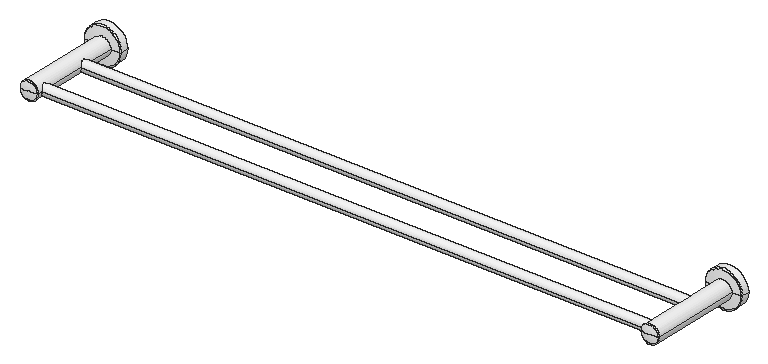
Revit family "Reece_Accessory_Posh_Solus MK2_Double Towel Rail_750 mm", category Plumbing Fixtures, host Face, Revit 2018
Family settings
  Host = Face
  Round Connector Dimension = Use Diameter
  Part Type = Normal
  Cut with Voids When Loaded = Yes
  Shared = Yes
  Room Calculation Point = Yes
Parameters (values of type "750 mm_Chrome")
  URL = "https://www.reece.com.au/product/-9506585"
  Type Comments = "Accessory"
  Reece_Product_Web Page = "https://www.reece.com.au/product/-9506585"
  Reece_Product_Type = "Accessory"  # constant formula
  Reece_Product_Sub Brand = "Solus MK2"  # constant formula
  Reece_Product_Number = "9506585"
  Reece_Product_Mount = "Wall Mounted"
  Reece_Product_Description = "Posh Solus MK2 Double Towel Rail 750mm Chrome"
  Reece_Product_Brand = "Posh"  # constant formula
  Reece_Overall_Width = 124 mm  # constant formula
  Reece_Overall_Length = 807 mm  # constant formula
  Reece_Overall_Height = 45 mm  # constant formula
  Reece_Material_Main = Reece_Brass_Chrome
  Reece_Height_From_Level [instance] = 1000 mm
  Reece_Detail_Installation = "Wall Mounted"  # constant formula
  Reece_Detail_Disclaimer = "THIS FILE IS THE PROPERTY OF THE REECE GROUP. IT MAY NOT BE REPRODUCED, REVERSE-ENGINEERED OR MODIFIED. ANY REPUBLICATION, TRANSMISSION OR DISTRIBUTION FOR THE PURPOSE OF COMMERCIALLY EXPLOITING THE FILES IS PROHIBITED."  # constant formula
  Reece_Detail_Additional = "Double Towel Rail"  # constant formula
  Model = "Solus MK2"
  Manufacturer = "Posh"
  Keynote = "Product #9506585, Reece_Accessory_Posh_Solus MK2_Double Towel Rail_750 mm - 750 mm_Chrome"
  Disclaimer = "THIS FILE IS THE PROPERTY OF THE REECE GROUP. IT MAY NOT BE REPRODUCED, REVERSE-ENGINEERED OR MODIFIED. ANY REPUBLICATION, TRANSMISSION OR DISTRIBUTION FOR THE PURPOSE OF COMMERCIALLY EXPLOITING THE FILES IS PROHIBITED."  # constant formula
  Description = "Posh Solus MK2 Double Towel Rail 750mm Chrome"
  Default Elevation = 0 mm
Types (2, lengths in mm): name | URL | Reece_Product_Web Page | Reece_Product_Number | Reece_Product_Description | Reece_Material_Main | Keynote | Description
  750 mm_Chrome | "https://www.reece.com.au/product/-9506585" | "https://www.reece.com.au/product/-9506585" | "9506585" | "Posh Solus MK2 Double Towel Rail 750mm Chrome" | Reece_Brass_Chrome | "Product #9506585, Reece_Accessory_Posh_Solus MK2_Double Towel Rail_750 mm - 750 mm_Chrome" | "Posh Solus MK2 Double Towel Rail 750mm Chrome"
  750 mm_Matte Black | "https://www.reece.com.au/product/-2263976" | "https://www.reece.com.au/product/-2263976" | "2263976" | "Posh Solus MK2 Double Towel Rail 750mm Matte Black" | Reece_Brass_Matte Black | "Product #2263976, Reece_Accessory_Posh_Solus MK2_Double Towel Rail_750 mm - 750 mm_Matte Black" | "Posh Solus MK2 Double Rail 750mm Matte Black"
Reference planes
  plane 1 "Center (Front/Back)": y = 0
  plane 2 "Bottom Host Plane": z = -5
  plane 3 "Center (Left/Right)": x = 0
  plane 4 "Height From Floor": z = 1000
  plane 5 "Top": z = 1022.5
  plane 6 "Bottom": z = 977.5
  plane 7: x = 403.5
  plane 8: x = -403.5
  plane 9: y = -124
  plane 10: x = -381
  plane 11: x = 381
Forms (mm)
  Sweep 1, solid, material "Reece_Brass_Chrome" <- "Reece_Material_Main"
    path origin (0, 13.5, 1000) x (-1, 0, 0) y (0, -1, 0)
      loop
        line (381, 71) -> (-381, 71)
    profile origin (0, -57.5, 1000) x (0, 1, 0) y (0, 0, 1)
      loop
        circle (6.5, 0) r 6.5
  Revolve 2, solid, material "Reece_Brass_Chrome" <- "Reece_Material_Main"
    sketch origin (0, 0, 1000) x (-1, 0, 0) y (0, -1, 0)
      loop
        line (358.5, 0) -> (381, 0) -> (381, 124)
        arc (381, 124) -> (375.748, 123.719) -> (370.556, 122.88) r 49.27
        arc (370.556, 122.88) -> (370.15, 122.63) -> (369.991, 122.18) r 0.717
        line (369.991, 122.18) -> (369.991, 11.227)
        arc (369.991, 11.227) -> (364.672, 10.8) -> (359.371, 10.198) r 161.652
        arc (359.371, 10.198) -> (358.749, 9.866) -> (358.5, 9.206) r 1
        line (358.5, 9.206) -> (358.5, 0)
      axis (381, 0) -> (381, 124)
    angle from 0 to 360
  Revolve 3, solid, material "Reece_Brass_Chrome" <- "Reece_Material_Main"
    sketch origin (0, 0, 1000) x (-1, 0, 0) y (0, -1, 0)
      loop
        line (-358.5, 0) -> (-358.5, 9.206)
        arc (-358.5, 9.206) -> (-358.749, 9.866) -> (-359.371, 10.198) r 1
        arc (-359.371, 10.198) -> (-364.672, 10.8) -> (-369.991, 11.227) r 161.652
        line (-369.991, 11.227) -> (-369.991, 122.18)
        arc (-369.991, 122.18) -> (-370.15, 122.63) -> (-370.556, 122.88) r 0.717
        arc (-370.556, 122.88) -> (-375.748, 123.719) -> (-381, 124) r 49.27
        line (-381, 124) -> (-381, 0) -> (-358.5, 0)
      axis (-381, 0) -> (-381, 124)
    angle from 0 to 360
  Sweep 4, solid, material "Reece_Brass_Chrome" <- "Reece_Material_Main"
    path origin (0, -46.5, 1000) x (-1, 0, 0) y (0, -1, 0)
      loop
        line (381, 71) -> (-381, 71)
    profile origin (0, -117.5, 1000) x (0, 1, 0) y (0, 0, 1)
      loop
        circle (6.5, 0) r 6.5
  Extrusion 5, void
    sketch origin (0, 0, 0.859) x (0, 1, 0) y (0, 0, 1)
      loop
        arc (-19.236, 988.341) -> (-25.239, 989.527) -> (-31.24, 988.321) r 15.681
        line (-31.24, 988.321) -> (-31.24, 986.244) -> (-19.236, 986.244) -> (-19.236, 988.341)
    from -403.5 to 403.5
Cuts and joins
  Extrusion 5 cuts Sweep 1
  Extrusion 5 cuts Revolve 2
  Extrusion 5 cuts Revolve 3
  Extrusion 5 cuts Sweep 4
  joined: Sweep 1, Revolve 2, Revolve 3, Sweep 4
Lines and regions (mm)
  model lines, style "InvisibleLines"
    curve 1: line (0, 0, -5) -> (0, 0, 1000)
Text (mm)
  text "Reece ©" at (2668.853, -2395.367, 2952.593), in view "Reece Preview"
  text "Reece Copyright © 2018, Reece Ltd." at (-247.475, -190.626, 0), in view "Ref. Level"
Dimensions and locks
  plane 2 "Bottom Host Plane" to level = 5 mm
  locked: level to plane 2 "Bottom Host Plane" at 5
  "Reece_Height_From_Level": plane 4 "Height From Floor" to level
  equal spacing: plane 8, plane 3 "Center (Left/Right)", plane 7
  locked: plane 5 "Top" to plane 4 "Height From Floor" at 22.5
  "Reece_Overall_Width": plane 9 to plane 1 "Center (Front/Back)"
  locked: plane 8 to plane 10 at 22.5
  locked: plane 11 to plane 7 at 22.5
  "Reece_Overall_Height": plane 5 "Top" to plane 6 "Bottom"
  "Reece_Overall_Length": plane 8 to plane 7
  plane 10 to plane 11 = 762 mm
  aligned and locked: plane 2 "Bottom Host Plane" to curve 1
  aligned and locked: plane 4 "Height From Floor" to curve 1
Automatic sketch dimensions
  curve 1 to plane 3 "Center (Left/Right)" = 0 mm
  Sweep 1 sketch curve to plane 11 = 0 mm
  Sweep 1 sketch curve to plane 10 = 0 mm
  plane 9 to Sweep 1 sketch curve = 66.5 mm
  Sweep 1 sketch curve to plane 4 "Height From Floor" = 0 mm
  Sweep 1 sketch curve to profile plane = 6.5 mm
  plane 1 "Center (Front/Back)" to Revolve 2 sketch curve = 0 mm
  Revolve 2 sketch curve to plane 10 = 0 mm  (x2)
  Revolve 2 sketch curve to plane 9 = 0 mm
  Revolve 2 sketch curve to plane 10 = 0.735 mm
  plane 9 to Revolve 2 sketch curve = 1.82 mm
  Revolve 2 sketch curve to plane 10 = 10.292 mm
  Revolve 2 sketch curve to Revolve 2 sketch curve = 0.717 mm
  Revolve 2 sketch curve to Revolve 2 sketch curve = 10.491 mm
  Revolve 2 sketch curve to Revolve 2 sketch curve = 1 mm
  Revolve 2 sketch curve to plane 1 "Center (Front/Back)" = 150.098 mm
  Revolve 2 sketch curve to Revolve 2 sketch curve = 9.206 mm
  Revolve 2 sketch curve to Revolve 2 sketch curve = 1.029 mm
  Revolve 2 sketch curve to Revolve 2 sketch curve = 47.449 mm
  Revolve 2 sketch curve to plane 1 "Center (Front/Back)" = 12.283 mm
  Revolve 2 sketch curve to Revolve 2 sketch curve = 4.909 mm
  plane 1 "Center (Front/Back)" to Revolve 3 sketch curve = 0 mm
  Revolve 3 sketch curve to plane 11 = 0 mm  (x3)
  Revolve 3 sketch curve to plane 9 = 0 mm
  Revolve 3 sketch curve to plane 11 = 0.735 mm
  plane 9 to Revolve 3 sketch curve = 1.82 mm
  Revolve 3 sketch curve to plane 11 = 10.292 mm
  Revolve 3 sketch curve to plane 11 = 11.009 mm
  Revolve 3 sketch curve to Revolve 3 sketch curve = 10.491 mm
  Revolve 3 sketch curve to Revolve 3 sketch curve = 1 mm
  Revolve 3 sketch curve to plane 1 "Center (Front/Back)" = 150.098 mm
  Revolve 3 sketch curve to Revolve 3 sketch curve = 9.206 mm
  Revolve 3 sketch curve to Revolve 3 sketch curve = 1.029 mm
  Revolve 3 sketch curve to Revolve 3 sketch curve = 47.449 mm
  Revolve 3 sketch curve to plane 1 "Center (Front/Back)" = 12.283 mm
  Revolve 3 sketch curve to Revolve 3 sketch curve = 4.909 mm
  Sweep 4 sketch curve to plane 11 = 0 mm
  Sweep 4 sketch curve to plane 10 = 0 mm
  plane 9 to Sweep 4 sketch curve = 6.5 mm
  Sweep 4 sketch curve to plane 4 "Height From Floor" = 0 mm
  Sweep 4 sketch curve to profile plane = 6.5 mm
  Extrusion 5 sketch curve to plane 6 "Bottom" = 9.603 mm
  plane 1 "Center (Front/Back)" to Extrusion 5 sketch curve = 31.24 mm
  plane 6 "Bottom" to Extrusion 5 sketch curve = 2.795 mm
  Extrusion 5 sketch curve to Extrusion 5 sketch curve = 6.022 mm
  Extrusion 5 sketch curve to Extrusion 5 sketch curve = 12.005 mm
  Extrusion 5 sketch curve to Extrusion 5 sketch curve = 2.097 mm
  Extrusion 5 sketch curve to Extrusion 5 sketch curve = 0.004 mm
  radius of Sweep 1 sketch curve = 6.5 mm
  radius of Sweep 4 sketch curve = 6.5 mm
